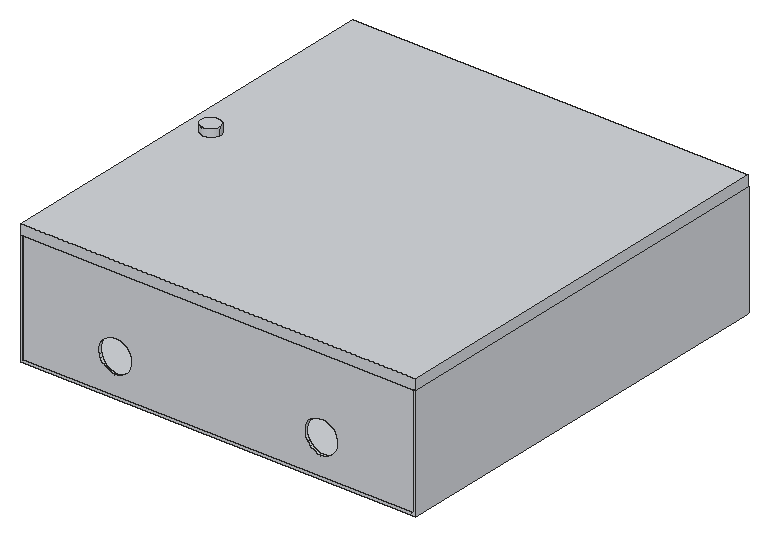
Revit family "SMC-SSTL-DRS", category Plumbing Fixtures, host Face, Revit 2016
Family settings
  Host = Face
  Part Type = Normal
  Round Connector Dimension = Use Diameter
  OmniClass Number = 23.65.00.00
  OmniClass Title = Supply and Distribution of Liquids and Gases
  Cut with Voids When Loaded = No
  Shared = Yes
  Room Calculation Point = No
Parameters (values of type "SMC-SSTL-DRS")
  Waste Connection = no
  WFU = 0
  Vent Connection = no
  URL = "http://www.acorneng.com"
  Type Comments = ""
  Tempered Water Connection = no
  Revised Date = "09/17/19"
  Phone# = "626-336-4561"
  Model = "SMC-SSTL-DRS"
  Material = Default
  Manufacturer = "Acorn "
  HWFU = 0
  HW Connection = no
  Designed By = "Acorn Revit Design team"
  Description = "Surface Mounted Cabinet, Stainless Steel, Solid Door for ET71-2"
  Default Elevation = 0"
  CWFU = 0
  SMC-SSTL-DRS - Surface Mounted Cabinet, Stainless Steel, Solid Door for ET71-2 = ""
  CW Connection = no
  Assembly Code = "D2020"
Reference planes (in)
  plane 1 "Center (Front/Back)": y = -0.25
  plane 2: z = 0
  plane 3 "Center (Left/Right)": x = 0
Forms (in)
  Extrusion 1, solid
    sketch origin (-9.10733, 0, 0) x (1, 0, 0) y (0, 1, 0)
      loop
        line (-1.39267, -11.27366) -> (19.60733, -11.27366) -> (19.60733, 10.75) -> (-1.39267, 10.75) -> (-1.39267, -11.27366)
    from 0 to 0.125
  Extrusion 2, solid
    sketch origin (0, -23.25, 0) x (1, 0, 0) y (0, 1, 0)
      loop
        line (-10.5, 34) -> (-10.5, 33.875) -> (10.49994, 33.875) -> (10.49994, 34) -> (-10.5, 34)
    from 0 to 6
  Extrusion 3, solid
    sketch origin (3, 26.5, 0) x (1, 0, 0) y (0, 1, 0)
      loop
        line (-13.5, -37.75) -> (7.49994, -37.75) -> (7.49994, -37.625) -> (-13.5, -37.625) -> (-13.5, -37.75)
    from 0 to 6
  Extrusion 4, solid
    sketch origin (-3, 0, 0) x (1, 0, 0) y (0, 1, 0)
      loop
        line (13.5, 10.75) -> (13.375, 10.75) -> (13.375, -11.27366) -> (13.5, -11.27366) -> (13.5, 10.75)
      loop
        line (-7.5, 10.75) -> (-7.5, -11.27366) -> (-7.375, -11.27366) -> (-7.375, 10.75) -> (-7.5, 10.75)
    from 0 to 6
  Extrusion 5, void
    sketch origin (18.85339, 22.37, 4.83665) x (0.852109, 0, 0.523364) y (0.523364, 0, -0.852109)
      loop
        circle (-12.88427, -4.58851) r 0.875
      loop
        circle (-22.21167, -10.31739) r 0.875
    from -33.64366 to -32.87
  Extrusion 6, void
    sketch origin (8.52224, 5, -0.97929) x (-1, 0, 0) y (0, 0, 1)
      loop
        circle (8.49942, 2.96076) r 0.875
    from 5.29529 to 5.75
  Extrusion 7, solid
    sketch origin (0, 0, 0) x (1, 0, 0) y (0, 1, 0)
      loop
        line (-10.5, 10.75) -> (-10.5, -11.27366) -> (10.49994, -11.27366) -> (10.49994, 10.75) -> (-10.5, 10.75)
    from 6 to 6.562
  Extrusion 8, solid
    sketch origin (0, 0, 0) x (1, 0, 0) y (0, 1, 0)
      loop
        circle (-9.22005, -0.25) r 0.5
    from 6 to 6.93164
Cuts and joins
  Extrusion 6 cuts Extrusion 1
  Extrusion 6 cuts Extrusion 2
  Extrusion 5, Extrusion 6 cuts Extrusion 3
  Extrusion 5, Extrusion 6 cuts Extrusion 4
  joined: Extrusion 1, Extrusion 2, Extrusion 3, Extrusion 4
Lines and regions (in)
  symbolic lines
    curve 1: line (-5.51466, 22.37, 2.26697) -> (-5.51466, 22.37, 5.01697)
    curve 2: line (5.48534, 22.37, 2.21205) -> (5.48534, 22.37, 4.96205)
    curve 3: line (5.48314, 22.37, 2) -> (-5.51686, 22.37, 2)
Dimensions and locks (in)
  Extrusion 1 to plane 3 "Center (Left/Right)" to Extrusion 1 = 10 1/2", 10 1/2"
  Extrusion 1 to Extrusion 2 sketch curve = 1/8"
  curve 2 to curve 1 = 11"
  cut or joined group of Extrusion 1, Extrusion 2, Extrusion 3, Extrusion 4, Extrusion 5, Extrusion 6 to curve 3 = 4"
  cut or joined group of Extrusion 1, Extrusion 2, Extrusion 3, Extrusion 4, Extrusion 5, Extrusion 6 to cut or joined group of Extrusion 1, Extrusion 2, Extrusion 3, Extrusion 4, Extrusion 5, Extrusion 6 = 20.99994"
  cut or joined group of Extrusion 1, Extrusion 2, Extrusion 3, Extrusion 4, Extrusion 5, Extrusion 6 to host face = 6"
  Extrusion 7 to Extrusion 7 = 22.02366"
  cut or joined group of Extrusion 1, Extrusion 2, Extrusion 3, Extrusion 4, Extrusion 5, Extrusion 6 to Extrusion 7 = 6"
  Extrusion 7 to Extrusion 7 = 0.562"
  aligned and locked: plane 2 to host face
  aligned and locked: level to host face
  aligned and locked: Extrusion 4 to Extrusion 3
